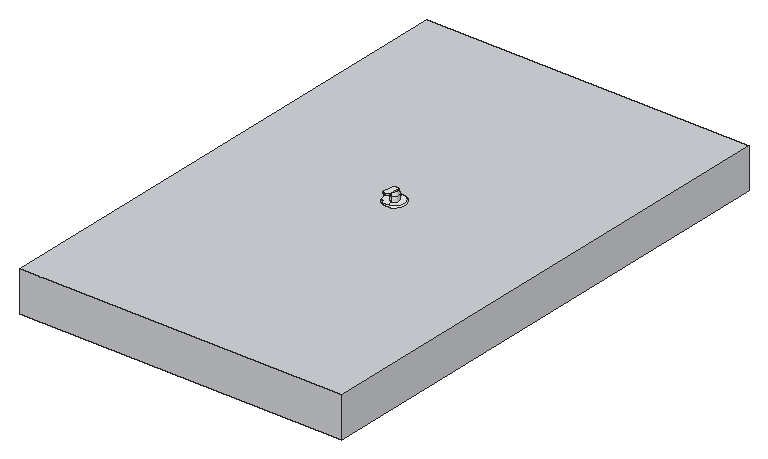
Revit family "Trim-Wall_Hung-Grohe-Eurosmart-14463_Series", category Plumbing Fixtures, host Face, Revit 2014
Parameters (values of type "14463000")
  Width = 6 5/16"  # constant formula
  Waste Connection = no
  Warranty Documentation Link = "https://cdn.cloud.grohe.com/tpi/1000/1900/1940/1949/1949006/original/1949006.pdf"
  WFU = 4  # constant formula
  Vent Connection = no
  URL = "https://www.grohe.us"
  Type Comments = ""
  Tempered Connection Radius = Tempered Connection Diameter / 2  # 1/4"
  Tempered Connection Diameter = Hot Water Connection Diameter  # 1/2"
  Product Page URL = ""
  Price = "Prices may vary. Please consult Manufacturer Representative for most up-to-date price list."  # constant formula
  Model = "14463000"
  Material = "Brass-Grohe-000-Starlight Chrome"
  Manufacturer = "Grohe"
  Length = 3 3/4"  # constant formula
  Installation Type = "Wall Mounted"
  Hot Water Connection Radius = Hot Water Connection Diameter / 2  # 1/4"
  Hot Water Connection Diameter = Cold Water Connection Diameter  # 1/2"
  Height = 6 13/16"  # constant formula
  HWFU = 3  # constant formula
  HW Connection = yes
  Flow Rate = "5.2 gpm - 3.0 gpm at 45 psi (19 L/min)"  # constant formula
  Finish = Brass-Grohe-000-Starlight Chrome
  Description = "Eurosmart Cosmopolitan Pressure Balance Trim with Cartridge"  # constant formula
  Default Elevation = 44"  # constant formula
  Creation Date = "03/11/2020"  # constant formula
  Cold Water Connection Radius = 1/4"  # constant formula
  Cold Water Connection Diameter = Cold Water Connection Radius * 2  # 1/2"
  CWFU = 3  # constant formula
  CW Connection = yes
  Assembly Code = "D2010710"
  ADA Compliant = yes
Reference planes (in)
  plane 1 "Center (Front/Back)": y = 0
  plane 2: z = 0
  plane 3 "Center (Left/Right)": x = 0
  plane 4: x = -1.21875
  plane 5: x = 1.21875
  plane 6: x = -3.34375
  plane 7: x = 3.34375
  plane 8: z = 3.125
  plane 9: y = 3.15625
  plane 10: y = -3.15625
  plane 11: z = 3.75
  plane 12: z = 0.91262
  plane 13: z = 0.375
Forms (in)
  Extrusion 1, solid
    sketch origin (0, 0, 0) x (1, 0, 0) y (0, 1, 0)
      loop
        line (-48, 72) -> (-48, -79.70833) -> (48, -79.70833) -> (48, 72) -> (-48, 72)
    from 0 to -12
  Extrusion 2, solid, material "Brass-Grohe-000-Starlight Chrome" <- "Finish"
    sketch origin (0, 0, 0) x (1, 0, 0) y (0, 1, 0)
      loop
        circle (-0.51539, 0) r 0.25
      loop
        circle (0.51539, 0) r 0.25
    from 0 to 0.0625
  Revolve 3, solid, material "Brass-Grohe-000-Starlight Chrome" <- "Finish"
    sketch origin (0, 0, 0.41262) x (0, 1, 0) y (0, 0, 1)
      loop
        line (1.09375, -0.03762) -> (1.09375, 1.39255) -> (0.84375, 1.39255) -> (0.84375, 1.47663) -> (1.09375, 1.47663) -> (0.84375, 3.30488) -> (0, 3.30488) -> (0, -0.41262) -> (3.15625, -0.41262) -> (2.97335, -0.03762) -> (1.09375, -0.03762)
      axis (0, 3.30488) -> (0, -0.41262)
    angle from 0 to 360
  Extrusion 4, solid, material "Brass-Grohe-000-Starlight Chrome" <- "Finish"
    sketch origin (0, 0, -0.43761) x (1, 0, 0) y (0, 1, 0)
      loop
        line (-0.90625, -0.15837) -> (-0.90625, -2.9199)
        arc (-0.90625, -2.9199) -> (0, -3.82615) -> (0.90625, -2.9199) r 0.90625
        line (0.90625, -2.9199) -> (0.90625, -0.15837)
        arc (0.90625, -0.15837) -> (0, 0.74788) -> (-0.90625, -0.15837) r 0.90625
    from 3.125 to 4.65415
  Extrusion 5, void
    sketch origin (0, 0, -0.43761) x (0, 1, 0) y (0, 0, 1)
      loop
        arc (-4.2243, 4.23498) -> (-1.63793, 3.93156) -> (0.94551, 3.6041) r 279.99137
        line (0.94551, 3.6041) -> (0.94551, 4.89708) -> (-4.2243, 4.89708) -> (-4.2243, 4.23498)
    from -1.17436 to 1.50098
  Extrusion 6, void
    sketch origin (0, 0, -0.35948) x (0, 1, 0) y (0, 0, 1)
      loop
        line (0.13593, 3.37468) -> (-3.90625, 3.94277) -> (-3.90625, 2.90713) -> (0.13593, 2.90713) -> (0.13593, 3.37468)
    from -1.63487 to 2.02728
Cuts and joins
  Extrusion 5 cuts Revolve 3
  Extrusion 5, Extrusion 6 cuts Extrusion 4
  joined: Revolve 3, Extrusion 4
Lines and regions (in)
  Masking region 1
    outline origin (0, 0, 0) x (1, 0, 0) y (0, 0, 1)
      loop
        line (1.09375, 0.375) -> (1.09375, 1.80517) -> (0.84375, 1.80517) -> (0.84375, 1.88926) -> (1.09375, 1.88926) -> (0.90435, 3.28406) -> (0.90435, 3.66229)
        arc (0.90435, 3.66229) -> (0.6445, 3.72166) -> (0.37903, 3.74549) r 1.97384
        arc (0.37903, 3.74549) -> (0, 3.74965) -> (-0.37903, 3.74549) r 17.27776
        arc (-0.37903, 3.74549) -> (-0.6445, 3.72166) -> (-0.90435, 3.66229) r 1.97384
        line (-0.90435, 3.66229) -> (-0.90435, 3.28406) -> (-1.09375, 1.88926) -> (-0.84375, 1.88926) -> (-0.84375, 1.80517) -> (-1.09375, 1.80517) -> (-1.09375, 0.375) -> (-2.97335, 0.375) -> (-3.15625, 0) -> (3.15625, 0) -> (2.97335, 0.375) -> (1.09375, 0.375)
  symbolic lines, detail levels medium+fine
    curve 1: line (1.09375, 0, 0.375) -> (-1.09375, 0, 0.375)
  symbolic lines, detail levels fine
    curve 2: line (0.84375, 0, 1.80517) -> (-0.84375, 0, 1.80517)
    curve 3: line (0.84375, 0, 1.88926) -> (-0.84375, 0, 1.88926)
    curve 4: arc (0.90435, 0, 3.28406) -> (0.89727, 0, 3.26412) -> (0.87964, 0, 3.25244) r 0.03339
    curve 5: arc (0.87964, 0, 3.25244) -> (0.75444, 0, 3.21394) -> (0.62503, 0, 3.19366) r 0.9176
    curve 6: arc (0.62503, 0, 3.19366) -> (0.48175, 0, 3.17824) -> (0.3379, 0, 3.16948) r 3.11107
    curve 7: arc (-0.90435, 0, 3.28406) -> (-0.89727, 0, 3.26412) -> (-0.87964, 0, 3.25244) r 0.03339
    curve 8: arc (-0.87964, 0, 3.25244) -> (-0.75444, 0, 3.21394) -> (-0.62503, 0, 3.19366) r 0.9176
    curve 9: arc (-0.62503, 0, 3.19366) -> (-0.48175, 0, 3.17824) -> (-0.3379, 0, 3.16948) r 3.11107
    curve 10: arc (0.3379, 0, 3.16948) -> (0, 0, 3.16062) -> (-0.3379, 0, 3.16948) r 6.44851
Dimensions and locks (in)
  "Hot Water Connection Diameter": diameter of Extrusion 2 sketch curve
  "Cold Water Connection Diameter": diameter of Extrusion 2 sketch curve
  aligned and locked: plane 2 to Extrusion 1
  aligned and locked: level to Extrusion 1
Automatic sketch dimensions
  Extrusion 1 sketch curve to Extrusion 1 sketch curve = 96"
  Extrusion 1 sketch curve to Extrusion 1 sketch curve = 151.70833"
  plane 1 "Center (Front/Back)" to Extrusion 2 sketch curve = 0"  (x2)
  Extrusion 2 sketch curve to plane 3 "Center (Left/Right)" = 0.51539"
  plane 3 "Center (Left/Right)" to Extrusion 2 sketch curve = 0.51539"
  Extrusion 4 sketch curve to plane 3 "Center (Left/Right)" = 0"
  plane 4 to Extrusion 4 sketch curve = 5/16"
  Extrusion 4 sketch curve to plane 10 = 0.23635"
  plane 1 "Center (Front/Back)" to Extrusion 4 sketch curve = 0.15837"
  plane 10 to Extrusion 5 sketch curve = 32.3976"
  plane 10 to Extrusion 5 sketch curve = 1.06805"
  plane 8 to Extrusion 5 sketch curve = 0.0415"
  Extrusion 5 sketch curve to plane 1 "Center (Front/Back)" = 0.94551"
  Extrusion 5 sketch curve to level = 274.43567"
  Extrusion 5 sketch curve to Extrusion 5 sketch curve = 0.6621"
  Extrusion 6 sketch curve to plane 11 = 0.16671"
  plane 10 to Extrusion 6 sketch curve = 3/4"
  Extrusion 6 sketch curve to plane 1 "Center (Front/Back)" = 0.13593"
  Extrusion 6 sketch curve to plane 8 = 0.1098"
  Extrusion 6 sketch curve to Extrusion 6 sketch curve = 0.46755"
  Revolve 3 sketch curve to plane 1 "Center (Front/Back)" = 0"  (x2)
  Revolve 3 sketch curve to plane 13 = 0"
  Revolve 3 sketch curve to level = 0"
  Revolve 3 sketch curve to plane 9 = 0"
  Revolve 3 sketch curve to plane 1 "Center (Front/Back)" = 27/32"  (x2)
  Revolve 3 sketch curve to plane 11 = 0.03249"
  Revolve 3 sketch curve to Revolve 3 sketch curve = 1/4"
  Revolve 3 sketch curve to Revolve 3 sketch curve = 0"
  Revolve 3 sketch curve to plane 9 = 0.1829"
  plane 12 to Revolve 3 sketch curve = 0.89255"
  Revolve 3 sketch curve to Revolve 3 sketch curve = 0.08409"
  plane 11 to Revolve 3 sketch curve = 2.65847"
  Revolve 3 sketch curve to Revolve 3 sketch curve = 0.35576"
  curve 10 to plane 3 "Center (Left/Right)" = 0"
  curve 9 to plane 3 "Center (Left/Right)" = 0.22066"
  curve 8 to plane 3 "Center (Left/Right)" = 0.54803"
  plane 8 to curve 7 = 0.15968"
  plane 4 to curve 7 = 0.34779"
  plane 3 "Center (Left/Right)" to curve 6 = 0.22066"
  plane 3 "Center (Left/Right)" to curve 5 = 0.54803"
  plane 8 to curve 4 = 0.15968"
  plane 5 to curve 4 = 0.34779"
  plane 11 to curve 5 = 0.35802"
  plane 11 to curve 8 = 0.35802"
  curve 8 to curve 9 = 2.17031"
  curve 6 to curve 9 = 0"
  curve 9 to curve 10 = 3.33079"
  plane 8 to curve 10 = 0.04448"
  curve 10 to plane 3 "Center (Left/Right)" = 0.3379"
  plane 8 to curve 9 = 0.06866"
  plane 4 to curve 2 = 3/8"
  curve 3 to curve 2 = 0"  (x2)
  curve 7 to curve 7 = 0.00868"
  curve 7 to curve 7 = 0.03339"
  plane 4 to curve 1 = 1/8"
  plane 8 to curve 6 = 0.04448"
  plane 8 to curve 6 = 0.06866"
  plane 5 to curve 3 = 3/8"
  curve 4 to curve 4 = 0.00868"
  curve 4 to curve 4 = 0.03339"
  plane 5 to curve 1 = 1/8"
  curve 3 to plane 8 = 1.23574"
  curve 2 to curve 3 = 0.08409"
  level to curve 1 = 3/8"
  Masking region 1 sketch curve to level = 0"
  Masking region 1 sketch curve to plane 3 "Center (Left/Right)" = 0"
  Masking region 1 sketch curve to plane 3 "Center (Left/Right)" = 0.33573"
  plane 4 to Masking region 1 sketch curve = 3/8"
  plane 4 to Masking region 1 sketch curve = 0.3144"
  plane 4 to Masking region 1 sketch curve = 1/8"
  Masking region 1 sketch curve to Masking region 1 sketch curve = 0"  (x4)
  plane 6 to Masking region 1 sketch curve = 0.3704"
  plane 6 to Masking region 1 sketch curve = 3/16"
  plane 3 "Center (Left/Right)" to Masking region 1 sketch curve = 0.33573"
  plane 5 to Masking region 1 sketch curve = 3/8"
  plane 5 to Masking region 1 sketch curve = 0.3144"
  plane 5 to Masking region 1 sketch curve = 1/8"
  plane 7 to Masking region 1 sketch curve = 3/16"
  Masking region 1 sketch curve to level = 13.52812"
  level to Masking region 1 sketch curve = 3/8"  (x2)
  Masking region 1 sketch curve to plane 8 = 1.35288"
  Masking region 1 sketch curve to Masking region 1 sketch curve = 0.03305"  (x2)
  Masking region 1 sketch curve to Masking region 1 sketch curve = 0.08409"  (x2)
  plane 8 to Masking region 1 sketch curve = 0.15906"  (x2)
  Masking region 1 sketch curve to plane 11 = 0.08771"  (x2)
  plane 7 to Masking region 1 sketch curve = 0.3704"
Connectors (in)
  piping at (-0.51539, 0, 0), diameter 0.5, driven by "Hot Water Connection Diameter"
    settings: on Extrusion 2, index 1, connector inside diameter 24", connector length 0", flow factor 0, pipe flow 0 GPM, pressure drop 0.00 psi, fitting loss kfactor 0, connector angle 0.00°, fixture units 0, engagement length 0", angle of deflection 0.00°, flow configuration 3, flow direction 1, fitting loss method 0, system type 19, joint type 0, gender type 0, connector reference index -1, connector utility 0, adjustable connector no, is connector primary yes, connector description "1/2\" NPT HW Inlet"
  piping at (0.51539, 0, 0), diameter 0.5, driven by "Cold Water Connection Diameter"
    settings: on Extrusion 2, index 2, connector inside diameter 24", connector length 0", flow factor 0, pipe flow 0 GPM, pressure drop 0.00 psi, fitting loss kfactor 0, connector angle 0.00°, fixture units 0, engagement length 0", angle of deflection 0.00°, flow configuration 3, flow direction 1, fitting loss method 0, system type 20, joint type 0, gender type 0, connector reference index -1, connector utility 0, adjustable connector no, is connector primary no, connector description "1/2\" NPT CW Inlet"
